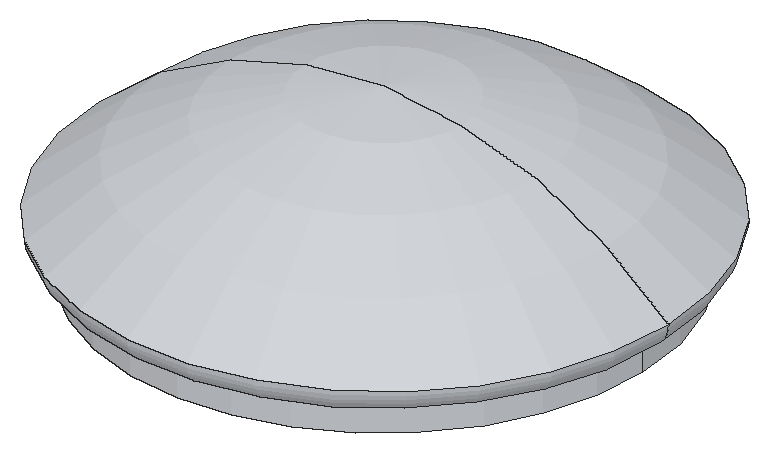
Revit family "0043498", category Lighting Fixtures, host Face, Revit 2017
Family settings
  Host = Face
  Round Connector Dimension = Use Diameter
  Part Type = Normal
  OmniClass Number = 23.80.70.00
  OmniClass Title = Lighting
  Cut with Voids When Loaded = No
  Light Source = Yes
  Shared = No
  Room Calculation Point = No
Parameters (values of type "0043498_3000K SYLCIRCLE IP44 1550LM 830/840 DT")
  YIN_SENSOR_SYL = no
  YIN_360_SYL = no
  YIN_330_SYL = yes
  YIN_250_SYL = no
  YIN_180_SYL = no
  Weight = "3.12 kg"
  Wattage Comments = ""
  Wattage = 0 W
  WarrantyStartDate [instance] = "n/a"
  WarrantyGuarantorParts = "n/a"
  WarrantyDurationUnit = "n/a"
  WarrantyDurationParts = "n/a"
  WarrantyDescription = "n/a"
  built-in parameter 1150110 = 1 (stored number, unit not read)
  Voltage = 0 V
  URL = "http://www.sylvania-lighting.com"
  TypeName = "SylCircle IP44 1550lm 830/840 DualTone"
  Type Image = <None>
  Type Comments = "n/a"
  built-in parameter 1114217 = 1 (stored number, unit not read)
  Tilt Angle = -90.00°
  built-in parameter 1150109 = 1 (stored number, unit not read)
  built-in parameter 1150134 = 3
  built-in parameter 1150113 = 1 (stored number, unit not read)
  SerialNumber [instance] = "n/a"
  SENSOR_SYL = 12 mm
  Photometric Web File = "0043498_3000K.ies"
  Material_3_SYL = none
  PowerFactor = 0
  PowerConsumption = "n/a"
  NominalLength = 0 mm
  NominalHeight = 0 mm
  NominalDepth = 0 mm
  Name = "SylCircle IP44 1550lm 830/840 DualTone"
  ModelReference = Name  # "SylCircle IP44 1550lm 830/840 DualTone"
  ModelNumber = "0043498"
  Model = Name  # "SylCircle IP44 1550lm 830/840 DualTone"
  Material = "n/a"
  ManufacturerName = "Feilo Sylvania"
  Manufacturer = "Feilo Sylvania"
  LuminousEfficacy = "n/a"
  built-in parameter 1150105 = (empty or 0)
  Lumens = 0 lm
  LuminaireType = ""
  built-in parameter 1150115 = 1 (stored number, unit not read)
  LightOutputRatio = "n/a"
  built-in parameter 1150137 = (empty or 0)
  built-in parameter 1150139 = (empty or 0)
  LampsType = Lamp  # "LED"
  LampNominalLuminous = "n/a"
  LampMacAdamStep = "n/a"
  LampColourTemperature = "n/a"
  LampColourRenderingIndex = "n/a"
  built-in parameter 1150112 = 1 (stored number, unit not read)
  built-in parameter 1150114 = 1 (stored number, unit not read)
  Lamp = "LED"
  LUM_R_SYL = if(YIN_180_SYL, 90 mm, if(YIN_250_SYL, 125 mm, if(YIN_330_SYL, 165 mm, if(YIN_360_SYL, 180 mm, 180 mm))))  # 165 mm
  LUM_R_HEIGHT_SYL = LUM_H_SYL - 30 mm  # 66 mm
  LUM_H_SYL = if(YIN_180_SYL, 75 mm, if(YIN_250_SYL, 80 mm, if(YIN_330_SYL, 96 mm, if(YIN_360_SYL, 100 mm, 100 mm))))  # 96 mm
  Keynote = "16500"
  InstallationDate [instance] = "n/a"
  InputVoltage = "n/a"
  InputNominalFrequency = "n/a"
  built-in parameter 1150132 = (empty or 0)
  built-in parameter 1150102 = (empty or 0)
  built-in parameter 1150107 = 3200 (stored number, unit not read)
  built-in parameter 1150138 = (empty or 0)
  IngressProtection = "n/a"
  ImpactProtectionIndex = "n/a"
  built-in parameter 1150106 = 1.0982 (stored number, unit not read)
  IfcExportType = "IfcLightFixtureType"
  IfcExportAs = "IfcLightFixtureType"
  Emit from Circle Diameter = 609.6 mm
  Emit Shape Visible in Rendering = no
  ElectricShockClassification = "n/a"
  built-in parameter 1150104 = (empty or 0)
  DocumentationLiterature = "http://www.sylvania-lighting.com/product/en-int/products/0043498"
  DimmingControlOptions = "n/a"
  Material_2_SYL = none
  Dimming Lamp Color Temperature Shift = <None>
  Description = ""
  Default Elevation = 1219.2 mm
  CreatedOn = "8/17/2020"
  CreatedBy = "@sylvania-lighting.com"
  Cost = 0
  Color Filter = 16777215
  built-in parameter 1114216 [instance] = (empty or 0)
  ClassificationValue = "EF_70_80"
  ClassificationName = "Uniclass2015"
  Material_1_SYL = none
  BarCode [instance] = "n/a"
  built-in parameter 1114218 = 1 (stored number, unit not read)
  BOTTOM_R_SYL = if(YIN_180_SYL, 76 mm, if(YIN_250_SYL, 110 mm, if(YIN_330_SYL, 150 mm, if(YIN_360_SYL, 150 mm, 150 mm))))  # 150 mm
  BOTTOM_HEIGHT_SYL = LUM_H_SYL - 15 mm  # 81 mm
  built-in parameter 1150133 = 10 (stored number, unit not read)
  AssetType = "Fixed"
  AssetIdentifier [instance] = "n/a"
  Assembly Code = "D5020200"
  Apparent Load = 0 VA
  Material_4_SYL = none
Types (16, lengths in mm): name | YIN_360_SYL | YIN_330_SYL | YIN_250_SYL | YIN_180_SYL | Weight | TypeName | Photometric Web File | Name | ModelReference | ModelNumber | Model | LUM_R_SYL | LUM_R_HEIGHT_SYL | LUM_H_SYL | DocumentationLiterature | BOTTOM_R_SYL | BOTTOM_HEIGHT_SYL
  0043507_3000K SYLCIRCLE IP44 2050LM MW 830/840 DT | yes | no | no | no | "3.42 kg" | "SylCircle IP44 2050LM MW 830/840 DualTone" | "0043507_3000K.ies" | "SylCircle IP44 2050LM MW 830/840 DualTone" | "SylCircle IP44 2050LM MW 830/840 DualTone" | "0043507" | "SylCircle IP44 2050LM MW 830/840 DualTone" | 180 | 70 | 100 | "http://www.sylvania-lighting.com/product/en-int/products/0043507" | 150 | 85
  0043506_4000K SYLCIRCLE IP44 1550LM MW 830/840 DT | no | yes | no | no | "3.42 kg" | "SylCircle IP44 1550LM MW 830/840 DualTone" | "0043506_4000K.ies" | "SylCircle IP44 1550LM MW 830/840 DualTone" | "SylCircle IP44 1550LM MW 830/840 DualTone" | "0043506" | "SylCircle IP44 1550LM MW 830/840 DualTone" | 165 | 66 | 96 | "http://www.sylvania-lighting.com/product/en-int/products/0043506" | 150 | 81
  0043506_3000K SYLCIRCLE IP44 1550LM MW 830/840 DT | no | yes | no | no | "3.42 kg" | "SylCircle IP44 1550LM MW 830/840 DualTone" | "0043506_3000K.ies" | "SylCircle IP44 1550LM MW 830/840 DualTone" | "SylCircle IP44 1550LM MW 830/840 DualTone" | "0043506" | "SylCircle IP44 1550LM MW 830/840 DualTone" | 165 | 66 | 96 | "http://www.sylvania-lighting.com/product/en-int/products/0043506" | 150 | 81
  0043505_4000K SYLCIRCLE IP44 2050LM DIM 830/840 DT | yes | no | no | no | "3.54 kg" | "SylCircle IP44 2050LM DIM 830/840 DualTone" | "0043505_4000K.ies" | "SylCircle IP44 2050LM DIM 830/840 DualTone" | "SylCircle IP44 2050LM DIM 830/840 DualTone" | "0043505" | "SylCircle IP44 2050LM DIM 830/840 DualTone" | 180 | 70 | 100 | "http://www.sylvania-lighting.com/product/en-int/products/0043505" | 150 | 85
  0043505_3000K SYLCIRCLE IP44 2050LM DIM 830/840 DT | yes | no | no | no | "3.54 kg" | "SylCircle IP44 2050LM DIM 830/840 DualTone" | "0043505_3000K.ies" | "SylCircle IP44 2050LM DIM 830/840 DualTone" | "SylCircle IP44 2050LM DIM 830/840 DualTone" | "0043505" | "SylCircle IP44 2050LM DIM 830/840 DualTone" | 180 | 70 | 100 | "http://www.sylvania-lighting.com/product/en-int/products/0043505" | 150 | 85
  0043504_4000K SYLCIRCLE IP44 1550LM DIM 830/840 DT | no | yes | no | no | "3.54 kg" | "SylCircle IP44 1550LM DIM 830/840 DualTone" | "0043504_4000K.ies" | "SylCircle IP44 1550LM DIM 830/840 DualTone" | "SylCircle IP44 1550LM DIM 830/840 DualTone" | "0043504" | "SylCircle IP44 1550LM DIM 830/840 DualTone" | 165 | 66 | 96 | "http://www.sylvania-lighting.com/product/en-int/products/0043504" | 150 | 81
  0043504_3000K SYLCIRCLE IP44 1550LM DIM 830/840 DT | no | yes | no | no | "3.54 kg" | "SylCircle IP44 1550LM DIM 830/840 DualTone" | "0043504_3000K.ies" | "SylCircle IP44 1550LM DIM 830/840 DualTone" | "SylCircle IP44 1550LM DIM 830/840 DualTone" | "0043504" | "SylCircle IP44 1550LM DIM 830/840 DualTone" | 165 | 66 | 96 | "http://www.sylvania-lighting.com/product/en-int/products/0043504" | 150 | 81
  0043499_4000K SYLCIRCLE IP44 2050LM 830/840 DT | yes | no | no | no | "3.12 kg" | "SylCircle IP44 2050lm 830/840 DualTone" | "0043499_4000K.ies" | "SylCircle IP44 2050lm 830/840 DualTone" | "SylCircle IP44 2050lm 830/840 DualTone" | "0043499" | "SylCircle IP44 2050lm 830/840 DualTone" | 180 | 70 | 100 | "http://www.sylvania-lighting.com/product/en-int/products/0043499" | 150 | 85
  0043499_3000K SYLCIRCLE IP44 2050LM 830/840 DT | yes | no | no | no | "3.12 kg" | "SylCircle IP44 2050lm 830/840 DualTone" | "0043499_3000K.ies" | "SylCircle IP44 2050lm 830/840 DualTone" | "SylCircle IP44 2050lm 830/840 DualTone" | "0043499" | "SylCircle IP44 2050lm 830/840 DualTone" | 180 | 70 | 100 | "http://www.sylvania-lighting.com/product/en-int/products/0043499" | 150 | 85
  0043498_4000K SYLCIRCLE IP44 1550LM 830/840 DT | no | yes | no | no | "3.12 kg" | "SylCircle IP44 1550lm 830/840 DualTone" | "0043498_4000K.ies" | "SylCircle IP44 1550lm 830/840 DualTone" | "SylCircle IP44 1550lm 830/840 DualTone" | "0043498" | "SylCircle IP44 1550lm 830/840 DualTone" | 165 | 66 | 96 | "http://www.sylvania-lighting.com/product/en-int/products/0043498" | 150 | 81
  0043498_3000K SYLCIRCLE IP44 1550LM 830/840 DT | no | yes | no | no | "3.12 kg" | "SylCircle IP44 1550lm 830/840 DualTone" | "0043498_3000K.ies" | "SylCircle IP44 1550lm 830/840 DualTone" | "SylCircle IP44 1550lm 830/840 DualTone" | "0043498" | "SylCircle IP44 1550lm 830/840 DualTone" | 165 | 66 | 96 | "http://www.sylvania-lighting.com/product/en-int/products/0043498" | 150 | 81
  0043497_4000K SYLCIRCLE IP44 1025LM 830/840 DT | no | no | yes | no | "1.5 kg" | "SylCircle IP44 1025lm 830/840 DualTone" | "0043497_4000K.ies" | "SylCircle IP44 1025lm 830/840 DualTone" | "SylCircle IP44 1025lm 830/840 DualTone" | "0043497" | "SylCircle IP44 1025lm 830/840 DualTone" | 125 | 50 | 80 | "http://www.sylvania-lighting.com/product/en-int/products/0043497" | 110 | 65
  0043497_3000K SYLCIRCLE IP44 1025LM 830/840 DT | no | no | yes | no | "1.5 kg" | "SylCircle IP44 1025lm 830/840 DualTone" | "0043497_3000K.ies" | "SylCircle IP44 1025lm 830/840 DualTone" | "SylCircle IP44 1025lm 830/840 DualTone" | "0043497" | "SylCircle IP44 1025lm 830/840 DualTone" | 125 | 50 | 80 | "http://www.sylvania-lighting.com/product/en-int/products/0043497" | 110 | 65
  0043496_4000K SYLCIRCLE IP44 520LM 830/840 DT | no | no | no | yes | "1.02 kg" | "SylCircle IP44 520lm 830/840 DualTone" | "0043496_4000K.ies" | "SylCircle IP44 520lm 830/840 DualTone" | "SylCircle IP44 520lm 830/840 DualTone" | "0043496" | "SylCircle IP44 520lm 830/840 DualTone" | 90 | 45 | 75 | "http://www.sylvania-lighting.com/product/en-int/products/0043496" | 76 | 60
  0043496_3000K SYLCIRCLE IP44 520LM 830/840 DT | no | no | no | yes | "1.02 kg" | "SylCircle IP44 520lm 830/840 DualTone" | "0043496_3000K.ies" | "SylCircle IP44 520lm 830/840 DualTone" | "SylCircle IP44 520lm 830/840 DualTone" | "0043496" | "SylCircle IP44 520lm 830/840 DualTone" | 90 | 45 | 75 | "http://www.sylvania-lighting.com/product/en-int/products/0043496" | 76 | 60
  0043507_4000K SYLCIRCLE IP44 2050LM MW 830/840 DT | yes | no | no | no | "3.42 kg" | "SylCircle IP44 2050LM MW 830/840 DualTone" | "0043507_4000K.ies" | "SylCircle IP44 2050LM MW 830/840 DualTone" | "SylCircle IP44 2050LM MW 830/840 DualTone" | "0043507" | "SylCircle IP44 2050LM MW 830/840 DualTone" | 180 | 70 | 100 | "http://www.sylvania-lighting.com/product/en-int/products/0043507" | 150 | 85
Reference planes
  plane 1 "Center (Front/Back)": y = 0
  plane 2: z = 0
  plane 3 "Center (Left/Right)": x = 0
  plane 4: x = -150
  plane 5: x = -165
  plane 6: z = -96
  plane 7: z = -66
  plane 8: z = -81
  plane 9: z = 12
Forms (mm)
  Revolve 1, solid
    sketch origin (0, 0, 0) x (1, 0, 0) y (0, 0, 1)
      loop
        line (0, -96) -> (0, 0)
        arc (0, 0) -> (-88.728, -17.429) -> (-165, -66) r 243.775
        arc (-165, -66) -> (-160.54, -76.54) -> (-150, -81) r 15.235
        line (-150, -81) -> (-150, -96) -> (0, -96)
      axis (0, -96) -> (0, 0)
    angle from 360 to 0
Dimensions and locks
  "BOTTOM_R_SYL": plane 3 "Center (Left/Right)" to plane 4
  "LUM_R_SYL": plane 3 "Center (Left/Right)" to plane 5
  "BOTTOM_HEIGHT_SYL": host face to plane 8
  "LUM_R_HEIGHT_SYL": host face to plane 7
  "LUM_H_SYL": host face to plane 6
  "SENSOR_SYL": plane 9 to host face
  aligned and locked: plane 2 to host face
  aligned and locked: level to host face
  aligned and locked: Revolve 1 sketch curve to plane 6
  aligned and locked: plane 4 to Revolve 1 sketch curve
  aligned and locked: imposter light to Revolve 1 sketch curve
  aligned and locked: Revolve 1 sketch curve to imposter light
Automatic sketch dimensions
  host sketch curve to host sketch curve = 2438.4 mm  (x2)
  Revolve 1 sketch curve to plane 5 = 0 mm
  Revolve 1 sketch curve to plane 8 = 0 mm
  Revolve 1 sketch curve to plane 7 = 0 mm
  plane 4 to Revolve 1 sketch curve = 0.233 mm
  plane 3 "Center (Left/Right)" to Revolve 1 sketch curve = 1.807 mm
